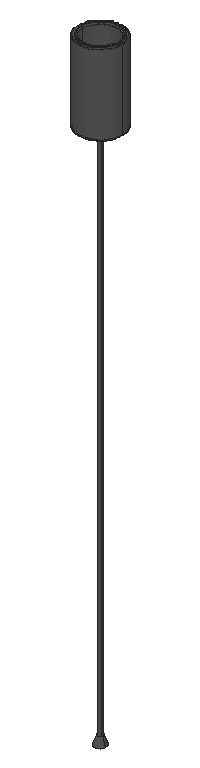
Revit family "CARLO CYLINDER LIGHT Pendant_ Surface", category Lighting Fixtures, host Face, Revit 2020 (continued)
Types (13): name | Wattage_Input | Wattage Comments | Wattage | built-in parameter 1150134 | Size 08 | Size 04 | Photometric Web File | built-in parameter 1150142 | Model | built-in parameter 1150105 | Lumens | built-in parameter 1150107 | built-in parameter 1150106 | Fixture Height | Fixture Diameter | BEAMING ANGLE | Apparent Load
    .076439 0.10454 0.13664 0.1728 0.21693 0.26517 0.32512 \r\n 0.38531 0.45352 0.5297 0.60989 0.69413 0.78639 0.88671 0.99887 1.1072 1.2274 \r\n 1.3436 1.4878 1.6322 1.7885 1.949 2.1252 2.2938 2.4861 2.6745 2.871 \r\n 3.0794 3.2873 3.4998 3.7241 3.9446 4.1731 4.4095 4.638 4.8745 5.1187 \r\n 5.3471 5.5758 5.82 6.0479 6.2843 6.5246 6.7531 6.9814 7.2016 7.406 \r\n 7.6102 7.8025 7.9908 8.175 8.3508 8.5231 8.6915 8.8677 9.0401 9.2166 \r\n 9.4089 9.5972 9.7857 9.986 10.182 10.378 10.574 10.759 10.959 11.156 \r\n 11.352 11.544 11.712 11.872 12.021 12.173 12.296 12.412 12.508 12.592 \r\n 12.644 \r\n2272.1 2264 2265.6 2263.7 2261.5 2257.6 2250.3 2241.8 2233.5 2220.8 \r\n 2203.4 2185.1 2161.6 2133.2 2103.7 2072.5 2038 2002.1 1962.8 1920.2 \r\n 1876.4 1832.6 1787.6 1739.5 1687.4 1630.8 1566.6 1497.6 1416.6 1332.8 \r\n 1259.2 1196.7 1141 1090.5 1042.7 996.96 952.95 912.88 870.24 823.79 \r\n 755.45 679.33 591.95 502.57 412.09 325.23 238.36 156.29 109.11 62.213 \r\n 51.705 42.367 34.904 29.622 25.699 22.602 20.43 18.818 17.597 16.522 \r\n 15.647 14.93 14.308 13.85 13.334 12.952 12.448 12.078 11.646 11.062 \r\n 10.552 9.7969 9.1725 8.4601 7.6952 7.0529 6.2807 5.6622 4.9656 4.4154 \r\n 3.7551 3.237 2.7758 2.2289 1.8148 1.291 0.9764 0.62811 0.37876 0.15414 \r\n 0.04496 0.0083009 0.000062 0 0 0 0 0 0 0 \r\n 0.003972 0.0040063 0.011954 0.023944 0.039941 0.067901 0.099843 0.13984 0.18388 0.2359 \r\n 0.29196 0.35998 0.43207 0.5042 0.58428 0.67636 0.76852 0.86837 0.97649 1.0926 \r\n 1.2168 1.337 1.4771 1.6213 1.7775 1.9457 2.11 2.2902 2.478 2.6703 \r\n 2.8706 3.071 3.2872 3.4996 3.7239 3.9483 4.1727 4.4091 4.6495 4.8859 \r\n 5.1217 5.3502 5.5905 5.831 6.0714 6.3039 6.5323 6.7607 6.9772 7.2016 \r\n 7.4061 7.6178 7.8064 7.9987 8.1792 8.3515 8.5318 8.7042 8.8844 9.0568 \r\n 9.249 9.4493 9.6333 9.8255 10.034 10.23 10.407 10.595 10.783 10.984 \r\n 11.192 11.376 11.553 11.729 11.885 12.041 12.186 12.318 12.434 12.543 \r\n 12.644 \r\n2272.1 2294.1 2298.2 2288.4 2285.2 2280 2273.4 2266.5 2268.9 2259.1 \r\n 2241.1 2223.6 2199.8 2173.8 2138.1 2105.4 2073.4 2034.9 1996.2 1956 \r\n 1916.7 1869.7 1825.9 1782.3 1734.1 1676.6 1622.3 1555.8 1481.5 1392.9 \r\n 1307.5 1237.4 1179 1125 1072.7 1024.1 978.81 935.52 894.23 852.54 \r\n 796.6 718.63 636.26 548.45 454.49 356.11 265.41 185.31 118.23 68.82 \r\n 53.645 43.931 36.284 30.484 26.598 23.614 21.525 19.746 18.45 17.386 \r\n 16.451 15.769 15.12 14.597 14.132 13.698 13.329 12.877 12.448 11.785 \r\n 11.231 10.631 9.8374 9.0875 8.2827 7.6356 6.8637 6.1656 5.4406 4.7827 \r\n 4.2206 3.5486 3.0776 2.4518 2.0324 1.5285 1.1186 0.75345 0.47987 0.23115 \r\n 0.081754 0.020677 0.0041745 0.000041 0 0 0 0 0 0.00396 \r\n 0.0040063 0.0040063 0.011932 0.027875 0.055798 0.083849 0.12369 0.16772 0.2118 0.26776 \r\n 0.33178 0.39985 0.4759 0.556 0.64407 0.74016 0.8403 0.95208 1.0643 1.1884 \r\n 1.2967 1.4406 1.5809 1.737 1.8972 2.0654 2.2417 2.422 2.6137 2.8139 \r\n 3.0222 3.2266 3.4349 3.6631 3.8876 4.1199 4.3523 4.5927 4.8291 5.0775 \r\n 5.3173 5.5498 5.802 6.0347 6.279 6.5274 6.764 7.0044 7.2408 7.4654 \r\n 7.6898 7.9136 8.1261 8.3266 8.523 8.7114 8.8958 9.0762 9.2446 9.4367 \r\n 9.6092 9.7935 10.001 10.19 10.382 10.582 10.79 10.987 11.167 11.379 \r\n 11.548 11.728 11.897 12.065 12.197 12.326 12.43 12.534 12.631 12.751 \r\n 12.644 \r\n2272.1 2282.3 2286.4 2284.1 2279.5 2271.9 2268.4 2263.2 2256.7 2248.6 \r\n 2233.4 2216.5 2196.1 2178.8 2148.1 2117.1 2081.3 2046.1 2009.5 1968.9 \r\n 1927.6 1882.9 1840.3 1795.1 1747.6 1696.5 1639.7 1577.2 1504.1 1416.6 \r\n 1326.1 1247.4 1180.8 1124.1 1072.4 1026 980.98 940.32 902.17 865.28 \r\n 819.45 756.47 673.9 578.83 483.51 389.88 301.4 218.75 136.38 84.731 \r\n 58.225 47.416 38.579 32.029 27.615 24.407 21.999 20.107 18.651 17.482 \r\n 16.479 15.726 15.074 14.527 14.163 13.687 13.317 12.833 12.416 11.961 \r\n 11.325 10.734 9.9808 9.2505 8.4143 7.7107 6.9813 6.237 5.6268 4.8791 \r\n 4.3373 3.697 3.1481 2.615 2.0716 1.6901 1.2274 0.88265 0.51908 0.2947 \r\n 0.075492 0 0.000035 0.0040422 0.0080495 0.011981 0.0080514 0.012059 0.016055 0.020062 \r\n 0.024133 0.036122 0.044238 0.064274 0.084382 0.11247 0.14464 0.18872 0.23288 0.28489 \r\n 0.34509 0.41719 0.48538 0.56161 0.64977 0.73797 0.83028 0.93848 1.0468 1.167 \r\n 1.2909 1.4074 1.5595 1.6999 1.8563 2.0286 2.201 2.3774 2.5618 2.7582 \r\n 2.9547 3.1631 3.3749 3.5914 3.8237 4.0442 4.2727 4.5091 4.7496 4.994 \r\n 5.2343 5.4589 5.7033 5.9432 6.1956 6.444 6.6845 6.9288 7.1612 7.3935 \r\n 7.6139 7.8342 8.0385 8.2429 8.4426 8.6308 8.8072 8.9834 9.1518 9.3321 \r\n 9.5086 9.7049 9.8933 10.094 10.298 10.498 10.694 10.887 11.091 11.287 \r\n 11.464 11.652 11.828 11.996 12.16 12.309 12.437 12.548 12.633 12.736 \r\n 12.644 \r\n2272.1 2276.5 2278 2273.3 2268 2262.4 2254.1 2249.1 2241.8 2232.6 \r\n 2224 2205.5 2187.1 2164.7 2135.3 2104.7 2075.2 2039.7 2001.4 1960.7 \r\n 1920.3 1877.8 1833.3 1786.7 1739.2 1689.3 1631.3 1564.8 1490.1 1401.5 \r\n 1311.6 1237.1 1170.1 1114.7 1065.5 1019.8 977.25 935.25 894.05 855.81 \r\n 812.36 742.17 654.16 557.96 463.35 368.2 282.23 200.33 130.38 76.286 \r\n 56.08 45.741 37.109 31.059 26.743 23.719 21.431 19.65 18.275 17.218 \r\n 16.255 15.541 14.935 14.421 14.003 13.55 13.181 12.634 12.18 11.64 \r\n 11.043 10.423 9.6172 8.9621 8.21 7.4883 6.7591 6.0575 5.3879 4.7266 \r\n 4.1288 3.5 3.0652 2.4477 2.0007 1.544 1.1188 0.81284 0.49244 0.26693 \r\n 0.090075 0.024726 0.00025241 0 0 0 0 0 0 0 \r\n 0 0 0.007926 0.019904 0.043821 0.07183 0.10772 0.15169 0.19973 0.2597 \r\n 0.31584 0.38779 0.4718 0.54011 0.63201 0.72021 0.81234 0.92403 1.0283 1.1523 \r\n 1.2726 1.4047 1.5448 1.693 1.8492 2.0174 2.1936 2.3699 2.5616 2.7579 \r\n 2.9582 3.1625 3.3748 3.5911 3.8234 4.0518 4.2763 4.5165 4.753 4.9894 \r\n 5.2292 5.4498 5.69 5.9344 6.1709 6.4192 6.6637 6.9002 7.1367 7.3533 \r\n 7.5657 7.7775 7.982 8.1784 8.355 8.5392 8.7236 8.8881 9.0524 9.2325 \r\n 9.4248 9.6012 9.7969 9.9892 10.19 10.378 10.582 10.787 10.971 11.159 \r\n 11.356 11.536 11.724 11.877 12.041 12.197 12.314 12.422 12.522 12.623 \r\n 12.644 \r\n2272.1 2272 2273.6 2269.1 2266.3 2258.8 2250.9 2243.9 2235.7 2227.2 \r\n 2213.2 2197.7 2172.4 2147.8 2117.3 2086.3 2054.8 2016.2 1978.2 1939.2 \r\n 1900.7 1862.4 1818.5 1768.2 1716 1656.7 1589.5 1521.1 1444.1 1358.4 \r\n 1274.8 1207.5 1151.4 1097.6 1047.5 1000.5 961.8 930.49 895.17 855.7 \r\n 796.84 717.43 626.29 530.25 433.51 340.12 254.71 169.51 106.56 68.42 \r\n 53.399 43.604 35.346 29.996 25.867 23.087 20.899 19.236 17.987 16.91 \r\n 16.015 15.406 14.774 14.294 13.867 13.458 13.049 12.576 12.065 11.401 \r\n 10.874 10.097 9.3202 8.6345 7.9055 7.2058 6.461 5.788 5.1432 4.5418 \r\n 3.8971 3.3132 2.8591 2.2675 1.8264 1.3628 1.023 0.65896 0.3828 0.15118 \r\n 0.019866 0 0.000035 0.0040063 0.0040063 0.0040821 0.012019 0.012098 0.020061 0.024099 \r\n 0.03205 0.032181 0.048311 0.076362 0.10434 0.12456 0.16471 0.21283 0.26501 0.32501 \r\n 0.3931 0.45728 0.52958 0.62164 0.70192 0.79817 0.90236 1.0066 1.1189 1.243 \r\n 1.3551 1.4954 1.6398 1.7921 1.9565 2.1248 2.2972 2.4856 2.674 2.8704 \r\n 3.0709 3.2833 3.4991 3.7155 3.94 4.1724 4.4009 4.6413 4.8778 5.1222 \r\n 5.3625 5.5911 5.8356 6.0793 6.3237 6.5641 6.8005 7.0329 7.2572 7.4736 \r\n 7.6899 7.8942 8.0944 8.2788 8.4626 8.6429 8.8191 8.9834 9.1478 9.3281 \r\n 9.5085 9.697 9.9013 10.098 10.294 10.494 10.686 10.883 11.079 11.283 \r\n 11.467 11.636 11.812 11.976 12.128 12.276 12.393 12.504 12.601 12.704 \r\n 12.644 \r\n2272.1 2269.1 2268.5 2264.4 2261.2 2253.3 2245.8 2235.8 2222.3 2208 \r\n 2192 2171.3 2147.1 2118.2 2087.3 2052.8 2016.5 1977.7 1936.7 1895.5 \r\n 1852.9 1809.5 1763.7 1716.6 1664.4 1602.6 1535.8 1460.5 1374.3 1288.3 \r\n 1220.9 1163.8 1114.2 1066.8 1020.2 977.14 934.57 895.8 854 797.19 \r\n 724.9 639.54 547.43 452.05 356.67 264.14 182.81 127.3 72.074 54.517 \r\n 45.309 37.209 30.302 25.884 23.128 20.755 19.049 17.857 16.762 15.929 \r\n 15.326 14.703 14.264 13.823 13.41 13.08 12.53 12.064 11.464 10.887 \r\n 10.136 9.3982 8.7815 7.9547 7.3112 6.6028 5.842 5.243 4.6024 3.985 \r\n 3.4392 2.922 2.3535 1.9165 1.4323 1.0859 0.75315 0.45618 0.22697 0.081745 \r\n 0.020692 0.00021523 0 0 0 0 0 0 0 0 \r\n 0 0.007924 0.03179 0.059798 0.079919 0.12375 0.16375 0.21965 0.27971 0.33982 \r\n 0.41181 0.4879 0.568 0.65607 0.74819 0.84829 0.96037 1.0723 1.1924 1.3126 \r\n 1.4566 1.5929 1.741 1.9131 2.0735 2.2536 2.4339 2.6222 2.8179 3.0261 \r\n 3.2345 3.4429 3.6671 3.8876 4.1159 4.3562 4.5847 4.825 5.0694 5.3099 \r\n 5.5418 5.7861 6.0305 6.271 6.5114 6.7479 6.9843 7.2049 7.4253 7.6417 \r\n 7.8423 8.0579 8.2426 8.427 8.6073 8.7797 8.96 9.1284 9.2967 9.469 \r\n 9.6651 9.8654 10.065 10.254 10.45 10.646 10.835 11.019 11.207 11.388 \r\n 11.556 11.725 11.869 12.001 12.121 12.242 12.35 12.434 12.527 12.615 \r\n 12.644 \r\n" | "CCL6-08-30SPSW8-60-PSM-BK" | 2572.5 (stored number, unit not read) | 2250 lm | 2700 (stored number, unit not read) | 25.725 (stored number, unit not read) | 0' - 8 171/256" | 0' - 6" | 60.00° | 30 VA
